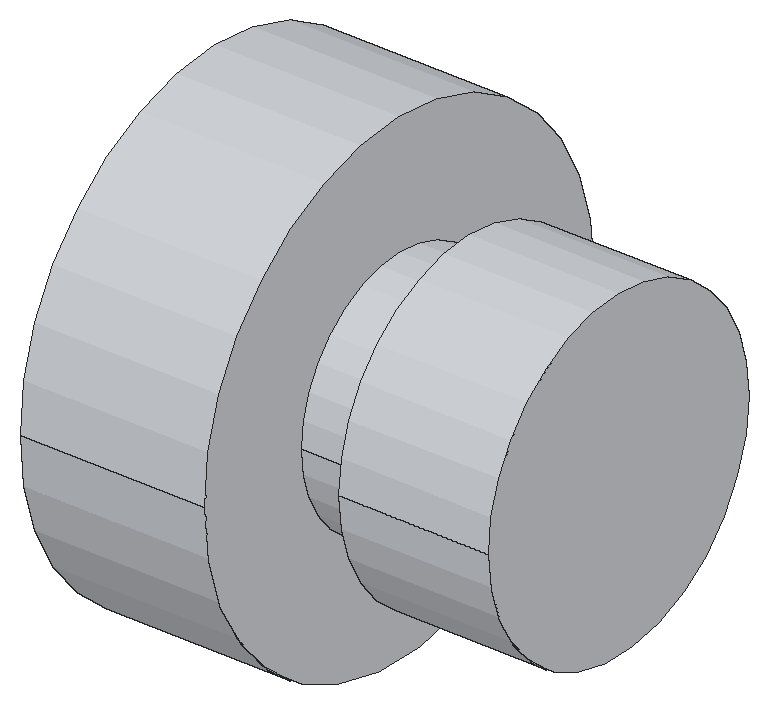
Revit family "TuberiaPEALPE_Roscahembra_Gas_Extrucol_0012", category Uniones de tubería, Revit 2020
Family settings
  Cota de conector redondo = Diámetro de uso
  Tipo de pieza = Unión
  Se basa en plano de trabajo = No
  Siempre vertical = Sí
  Corte con vacíos al cargar = No
  Compartido = No
Parameters
  Z3 [instance] = 16 mm
  Z2 [instance] = size_lookup(Tabla consulta, "Z2", 0 mm, DN)  # 49.5 mm
  Z [instance] = size_lookup(Tabla consulta, "Z", 0 mm, DN)  # 33 mm
  URL = "http://www.extrucol.com/"
  Tabla consulta = "TablaunionPEALPEhembra"
  L2 [instance] = L * 1.2  # 18.24 mm
  L [instance] = size_lookup(Tabla consulta, "L", 0 mm, DN)  # 15.2 mm
  H [instance] = size_lookup(Tabla consulta, "H", 0 mm, DN)  # 7.6 mm
  Fabricante = "Extrucol"
  Elevación por defecto = 0 mm
  Descripción = "Unión cobre laton para PEALPE salida rosca hembra"
  DN [instance] = 25 mm
Reference planes
  plane 1 "Centro (Frontal/Posterior)": y = 0
  plane 2: z = 0
  plane 3 "Centro (Izquierda/Derecha)": x = 0
  plane 4: x = -22.62
  plane 5: x = -4.38
  plane 6: x = 3.22
  plane 7: x = 18.42
Forms (mm)
  Sweep 1, solid
    path in 3D
      loop
        line (3.22, 0, 0) -> (18.42, 0, 0)
    profile origin (10.82, 0, 0) x (0, 1, 0) y (0, 0, 1)
      loop
        circle (0, 0) r 16.5
  Sweep 2, solid
    path in 3D
      loop
        line (-3.9, 0, 0) -> (3.22, 0, 0)
    profile origin (-0.34, 0, 0) x (0, 1, 0) y (0, 0, 1)
      loop
        circle (0, 0) r 12.5
  Sweep 3, solid
    path in 3D
      loop
        line (-22.62, 0, 0) -> (-3.9, 0, 0)
    profile origin (-13.26, 0, 0) x (0, 1, 0) y (0, 0, 1)
      loop
        circle (0, 0) r 24.75
      loop
        circle (0, 0) r 8
Lines and regions (mm)
  model lines
    curve 1: line (-22.62, 0, 0) -> (-3.9, 0, 0)
    curve 2: line (-3.9, 0, 0) -> (3.22, 0, 0)
    curve 3: line (3.22, 0, 0) -> (18.42, 0, 0)
  sketch lines
    curve 4: line (3.22, 0, 0) -> (18.42, 0, 0)
    curve 5: line (-3.9, 0, 0) -> (3.22, 0, 0)
    curve 6: line (-22.62, 0, 0) -> (-3.9, 0, 0)
Dimensions and locks
  "L2": plane 4 to plane 5
  "L": plane 6 to plane 7
  "H": plane 5 to plane 6
  curve 1 to curve 1 = 18.72 mm
  "DN": diameter of Sweep 2 sketch curve
  "Z2": diameter of Sweep 3 sketch curve
  "Z": diameter of Sweep 1 sketch curve
  "Z3": diameter of Sweep 3 sketch curve
  aligned and locked: level to plane 2
  aligned and locked: plane 1 "Centro (Frontal/Posterior)" to curve 1
Automatic sketch dimensions
  curve 1 to plane 4 = 0 mm
  curve 3 to plane 6 = 0 mm
  curve 3 to plane 7 = 0 mm
  Sweep 1 sketch curve to profile plane = 0 mm  (x2)
  Sweep 2 sketch curve to profile plane = 0 mm  (x2)
  Sweep 3 sketch curve to Sweep 3 sketch curve = 0 mm  (x2)
  Sweep 3 sketch curve to profile plane = 0 mm  (x2)
Connectors
  piping at (-3.9, 0, 0), diameter 25, driven by "DN"
    settings: on Sweep 2, index 1, connector inside diameter 609.6 mm, connector length 0 mm, flow factor 0, pipe flow 0.0 L/s, pressure drop 0.0 Pa, fitting loss kfactor 0, connector angle 0.00°, fixture units 0, engagement length 0 mm, angle of deflection 0.00°, flow configuration 0, flow direction 0, fitting loss method 0, system type 28, joint type 0, gender type 0, connector reference index 2, connector utility 0, adjustable connector no, is connector primary yes, connector description ""
  piping at (18.42, 0, 0), diameter 25, driven by "DN"
    settings: on Sweep 1, index 2, connector inside diameter 609.6 mm, connector length 0 mm, flow factor 0, pipe flow 0.0 L/s, pressure drop 0.0 Pa, fitting loss kfactor 0, connector angle 0.00°, fixture units 0, engagement length 0 mm, angle of deflection 0.00°, flow configuration 0, flow direction 0, fitting loss method 0, system type 28, joint type 0, gender type 0, connector reference index 1, connector utility 0, adjustable connector no, is connector primary no, connector description ""
